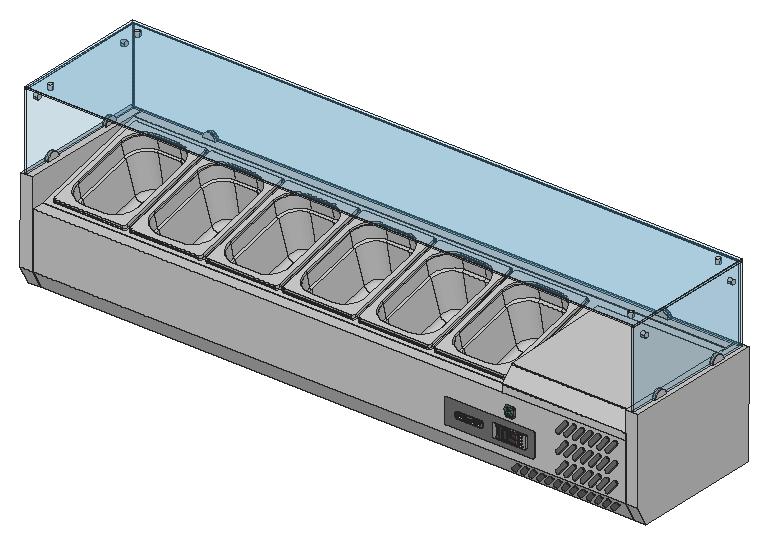
Revit family "QF_BLIZZARD_TOP1500-14CR", category Specialty Equipment, Revit 2016
Family settings
  Part Type = Normal
  Round Connector Dimension = Use Diameter
  OmniClass Number = 23.40.40.14
  OmniClass Title = Food Service Equipment
  Work Plane-Based = No
  Always vertical = Yes
  Cut with Voids When Loaded = No
  Shared = No
  Room Calculation Point = No
Parameters (values of type "TOP1500-14CR")
  URL = "www.blizzardequipment.com"
  Show Logo [instance] = yes
  Show Clearance [instance] = yes
  Model = "TOP1500-14CR"
  Manufacturer = "BLIZZARD"
  Description = "1/4 GASTRONORM PREP TOP WITH GLASS COVER 1500MM"
  Assembly Code = "E1090320"
Reference planes
  plane 1 "Back": y = 0
  plane 2: z = 0
  plane 3 "Left": x = 0
  plane 4 "Right": x = 1500
  plane 5 "Front": y = -335
  plane 6 "Top": z = 439
Forms (mm)
  Extrusion 1, solid
    sketch origin (0, -4, -8) x (0, 1, 0) y (0, 0, 1)
      loop
        line (-331, 53) -> (-306, 8) -> (2.955, 8)
        arc (2.955, 8) -> (3.694, 8.306) -> (4, 9.045) r 1.045
        line (4, 9.045) -> (4, 258) -> (-331, 258) -> (-331, 53)
    from 0 to 30
  Extrusion 2, solid
    sketch origin (1470, -4, -8) x (0, 1, 0) y (0, 0, 1)
      loop
        line (-331, 53) -> (-306, 8) -> (2.955, 8)
        arc (2.955, 8) -> (3.694, 8.306) -> (4, 9.045) r 1.045
        line (4, 9.045) -> (4, 258) -> (-331, 258) -> (-331, 53)
    from 0 to 30
  Extrusion 3, solid
    sketch origin (-580, -4, -8) x (0, 1, 0) y (0, 0, 1)
      loop
        line (-331, 53) -> (-306, 8) -> (2.955, 8)
        arc (2.955, 8) -> (3.694, 8.306) -> (4, 9.045) r 1.045
        line (4, 9.045) -> (4, 258) -> (-26, 258) -> (-26, 38) -> (-288.348, 38) -> (-301, 60.774) -> (-301, 190.193) -> (-331, 190.193) -> (-331, 53)
    from 610 to 2050
  Extrusion 4, solid
    sketch origin (10, 0, -20) x (0, 1, 0) y (0, 0, 1)
      loop
        line (-5, 455) -> (-335, 455) -> (-335, 270) -> (-5, 270) -> (-5, 455)
    from 0 to 5
  Extrusion 5, solid
    sketch origin (1485, 0, -20) x (0, 1, 0) y (0, 0, 1)
      loop
        line (-5, 455) -> (-335, 455) -> (-335, 270) -> (-5, 270) -> (-5, 455)
    from 0 to 5
  Extrusion 6, solid
    sketch origin (-610, 0, -20) x (0, 1, 0) y (0, 0, 1)
      loop
        line (-5, 460) -> (-335, 460) -> (-335, 455) -> (-5, 455) -> (-5, 460)
    from 620 to 2100
  Extrusion 7, solid
    sketch origin (-610, -5, -20) x (1, 0, 0) y (0, 0, 1)
      loop
        line (625, 455) -> (625, 270) -> (2095, 270) -> (2095, 455) -> (625, 455)
    from 0 to 5
  Extrusion 8, solid
    sketch origin (8, -65, -20) x (0, 1, 0) y (0, 0, 1)
      loop
        arc (0, 270) -> (-15, 285) -> (-30, 270) r 15
        line (-30, 270) -> (0, 270)
    from 0 to 2
  Extrusion 9, solid
    sketch origin (8, -270, -20) x (0, -1, 0) y (0, 0, -1)
      loop
        line (0, -270) -> (-30, -270)
        arc (-30, -270) -> (-15, -285) -> (0, -270) r 15
    from 0 to 2
  Extrusion 10, solid
    sketch origin (15, -65, -20) x (0, 1, 0) y (0, 0, 1)
      loop
        arc (0, 270) -> (-15, 285) -> (-30, 270) r 15
        line (-30, 270) -> (0, 270)
    from 0 to 2
  Extrusion 11, solid
    sketch origin (15, -270, -20) x (0, -1, 0) y (0, 0, -1)
      loop
        line (0, -270) -> (-30, -270)
        arc (-30, -270) -> (-15, -285) -> (0, -270) r 15
    from 0 to 2
  Extrusion 12, solid
    sketch origin (1483, -65, -20) x (0, 1, 0) y (0, 0, 1)
      loop
        arc (0, 270) -> (-15, 285) -> (-30, 270) r 15
        line (-30, 270) -> (0, 270)
    from 0 to 2
  Extrusion 13, solid
    sketch origin (1483, -270, -20) x (0, -1, 0) y (0, 0, -1)
      loop
        line (0, -270) -> (-30, -270)
        arc (-30, -270) -> (-15, -285) -> (0, -270) r 15
    from 0 to 2
  Extrusion 14, solid
    sketch origin (1490, -65, -20) x (0, 1, 0) y (0, 0, 1)
      loop
        arc (0, 270) -> (-15, 285) -> (-30, 270) r 15
        line (-30, 270) -> (0, 270)
    from 0 to 2
  Extrusion 15, solid
    sketch origin (1490, -270, -20) x (0, -1, 0) y (0, 0, -1)
      loop
        line (0, -270) -> (-30, -270)
        arc (-30, -270) -> (-15, -285) -> (0, -270) r 15
    from 0 to 2
  Extrusion 16, solid
    sketch origin (7.5, 60, -20) x (0, 1, 0) y (0, 0, 1)
      loop
        circle (-359.645, 424.645) r 5
    from 0 to 10
  Extrusion 17, solid
    sketch origin (1492.5, 60, -20) x (0, 1, 0) y (0, 0, -1)
      loop
        circle (-359.645, -424.645) r 5
    from 0 to 10
  Extrusion 18, solid
    sketch origin (7.5, -395, -20) x (0, -1, 0) y (0, 0, -1)
      loop
        circle (-359.645, -424.645) r 5
    from 0 to 10
  Extrusion 19, solid
    sketch origin (1492.5, -395, -20) x (0, -1, 0) y (0, 0, 1)
      loop
        circle (-359.645, 424.645) r 5
    from 0 to 10
  Extrusion 20, solid
    sketch origin (0, 0, 432.5) x (1, 0, 0) y (0, 1, 0)
      loop
        circle (45.355, -35.355) r 5
    from 0 to 10
  Extrusion 21, solid
    sketch origin (1500, 0, 432.5) x (-1, 0, 0) y (0, -1, 0)
      loop
        circle (45.355, 35.355) r 5
    from 0 to 10
  Extrusion 22, solid
    sketch origin (0, -335, 432.5) x (1, 0, 0) y (0, 1, 0)
      loop
        circle (45.355, 35.355) r 5
    from 0 to 10
  Extrusion 23, solid
    sketch origin (1500, -335, 432.5) x (-1, 0, 0) y (0, -1, 0)
      loop
        circle (45.355, -35.355) r 5
    from 0 to 10
  Extrusion 24, solid
    sketch origin (-610, 385.906, 349.46) x (1, 0, 0) y (0, 0.970921, 0.2394)
      loop
        line (640, -711.416) -> (2080, -711.416) -> (2080, -427.653) -> (640, -427.653) -> (640, -711.416)
      loop
        line (826, -442.96) -> (664, -442.96)
        arc (664, -442.96) -> (659.757, -444.717) -> (658, -448.96) r 6
        line (658, -448.96) -> (658, -691.86)
        arc (658, -691.86) -> (659.757, -696.102) -> (664, -697.86) r 6
        line (664, -697.86) -> (826, -697.86)
        arc (826, -697.86) -> (830.243, -696.102) -> (832, -691.86) r 6
        line (832, -691.86) -> (832, -448.96)
        arc (832, -448.96) -> (830.243, -444.717) -> (826, -442.96) r 6
      loop
        line (1011, -442.96) -> (849, -442.96)
        arc (849, -442.96) -> (844.757, -444.717) -> (843, -448.96) r 6
        line (843, -448.96) -> (843, -691.86)
        arc (843, -691.86) -> (844.757, -696.102) -> (849, -697.86) r 6
        line (849, -697.86) -> (1011, -697.86)
        arc (1011, -697.86) -> (1015.243, -696.102) -> (1017, -691.86) r 6
        line (1017, -691.86) -> (1017, -448.96)
        arc (1017, -448.96) -> (1015.243, -444.717) -> (1011, -442.96) r 6
      loop
        line (1196, -442.96) -> (1034, -442.96)
        arc (1034, -442.96) -> (1029.757, -444.717) -> (1028, -448.96) r 6
        line (1028, -448.96) -> (1028, -691.86)
        arc (1028, -691.86) -> (1029.757, -696.102) -> (1034, -697.86) r 6
        line (1034, -697.86) -> (1196, -697.86)
        arc (1196, -697.86) -> (1200.243, -696.102) -> (1202, -691.86) r 6
        line (1202, -691.86) -> (1202, -448.96)
        arc (1202, -448.96) -> (1200.243, -444.717) -> (1196, -442.96) r 6
      loop
        line (1751, -442.96) -> (1589, -442.96)
        arc (1589, -442.96) -> (1584.757, -444.717) -> (1583, -448.96) r 6
        line (1583, -448.96) -> (1583, -691.86)
        arc (1583, -691.86) -> (1584.757, -696.102) -> (1589, -697.86) r 6
        line (1589, -697.86) -> (1751, -697.86)
        arc (1751, -697.86) -> (1755.243, -696.102) -> (1757, -691.86) r 6
        line (1757, -691.86) -> (1757, -448.96)
        arc (1757, -448.96) -> (1755.243, -444.717) -> (1751, -442.96) r 6
      loop
        line (1381, -442.96) -> (1219, -442.96)
        arc (1219, -442.96) -> (1214.757, -444.717) -> (1213, -448.96) r 6
        line (1213, -448.96) -> (1213, -691.86)
        arc (1213, -691.86) -> (1214.757, -696.102) -> (1219, -697.86) r 6
        line (1219, -697.86) -> (1381, -697.86)
        arc (1381, -697.86) -> (1385.243, -696.102) -> (1387, -691.86) r 6
        line (1387, -691.86) -> (1387, -448.96)
        arc (1387, -448.96) -> (1385.243, -444.717) -> (1381, -442.96) r 6
      loop
        line (1566, -442.96) -> (1404, -442.96)
        arc (1404, -442.96) -> (1399.757, -444.717) -> (1398, -448.96) r 6
        line (1398, -448.96) -> (1398, -691.86)
        arc (1398, -691.86) -> (1399.757, -696.102) -> (1404, -697.86) r 6
        line (1404, -697.86) -> (1566, -697.86)
        arc (1566, -697.86) -> (1570.243, -696.102) -> (1572, -691.86) r 6
        line (1572, -691.86) -> (1572, -448.96)
        arc (1572, -448.96) -> (1570.243, -444.717) -> (1566, -442.96) r 6
    from 0 to 3
  Extrusion 25, solid
    sketch origin (42.5, -3, -20) x (1, 0, 0) y (0, 0, 1)
      loop
        line (142.5, 270) -> (172.5, 270)
        arc (172.5, 270) -> (157.5, 285) -> (142.5, 270) r 15
    from 0 to 2
  Extrusion 26, solid
    sketch origin (1457.5, -3, -20) x (-1, 0, 0) y (0, 0, -1)
      loop
        arc (142.5, -270) -> (157.5, -285) -> (172.5, -270) r 15
        line (172.5, -270) -> (142.5, -270)
    from 0 to 2
  Extrusion 27, solid
    sketch origin (42.5, -10, -20) x (1, 0, 0) y (0, 0, 1)
      loop
        line (142.5, 270) -> (172.5, 270)
        arc (172.5, 270) -> (157.5, 285) -> (142.5, 270) r 15
    from 0 to 2
  Extrusion 28, solid
    sketch origin (1457.5, -10, -20) x (-1, 0, 0) y (0, 0, -1)
      loop
        arc (142.5, -270) -> (157.5, -285) -> (172.5, -270) r 15
        line (172.5, -270) -> (142.5, -270)
    from 0 to 2
  Extrusion 29, solid
    sketch origin (1148, 205.936, 282.02) x (0, -0.34202, 0.939693) y (0, -0.939693, -0.34202)
      loop
        line (10.308, 247.326) -> (47.651, 233.734) -> (128.811, 499.195)
        arc (128.811, 499.195) -> (128.866, 499.813) -> (128.666, 500.4) r 1.501
        line (128.666, 500.4) -> (108.005, 535.217)
        arc (108.005, 535.217) -> (107.581, 535.724) -> (107.017, 536.068) r 2.032
        line (107.017, 536.068) -> (91.205, 542.456) -> (88.633, 535.39) -> (89.426, 502.22) -> (10.308, 247.326)
    from 24 to 322
  Extrusion 30, solid
    sketch origin (750.536, -333.5, -1739.135) x (1, 0, 0) y (0, 0, 1)
      loop
        arc (285, 1864.135) -> (281.464, 1862.671) -> (280, 1859.135) r 5
        line (280, 1859.135) -> (280, 1809.135)
        arc (280, 1809.135) -> (281.464, 1805.6) -> (285, 1804.135) r 5
        line (285, 1804.135) -> (494.464, 1804.135)
        arc (494.464, 1804.135) -> (498, 1805.6) -> (499.464, 1809.135) r 5
        line (499.464, 1809.135) -> (499.464, 1859.135)
        arc (499.464, 1859.135) -> (498, 1862.671) -> (494.464, 1864.135) r 5
        line (494.464, 1864.135) -> (285, 1864.135)
    from 0 to 2
  Extrusion 31, solid
    sketch origin (892.5, -333.5, -713.75) x (1, 0, 0) y (0, 0, 1)
      loop
        arc (260.5, 825) -> (258.379, 824.121) -> (257.5, 822) r 3
        line (257.5, 822) -> (257.5, 795.5)
        arc (257.5, 795.5) -> (258.379, 793.379) -> (260.5, 792.5) r 3
        line (260.5, 792.5) -> (334.5, 792.5)
        arc (334.5, 792.5) -> (336.621, 793.379) -> (337.5, 795.5) r 3
        line (337.5, 795.5) -> (337.5, 822)
        arc (337.5, 822) -> (336.621, 824.121) -> (334.5, 825) r 3
        line (334.5, 825) -> (260.5, 825)
    from 0 to 4
  Extrusion 32, solid
    sketch origin (892.5, -336.5, -703.75) x (1, 0, 0) y (0, 0, 1)
      loop
        arc (278, 812.5) -> (275.879, 811.621) -> (275, 809.5) r 3
        line (275, 809.5) -> (275, 788)
        arc (275, 788) -> (275.879, 785.879) -> (278, 785) r 3
        line (278, 785) -> (317, 785)
        arc (317, 785) -> (319.121, 785.879) -> (320, 788) r 3
        line (320, 788) -> (320, 809.5)
        arc (320, 809.5) -> (319.121, 811.621) -> (317, 812.5) r 3
        line (317, 812.5) -> (278, 812.5)
    from 0 to 2
  Extrusion 33, solid
    sketch origin (893.951, -337, -704.25) x (1, 0, 0) y (0, 0, 1)
      loop
        line (278.549, 800.5) -> (280.549, 800.5) -> (280.549, 809) -> (278.549, 809) -> (278.549, 800.5)
      loop
        line (278.549, 789) -> (280.549, 789) -> (280.549, 797) -> (278.549, 797) -> (278.549, 789)
      loop
        line (281.049, 811.5) -> (281.049, 809.5) -> (291.049, 809.5) -> (291.049, 811.5) -> (281.049, 811.5)
      loop
        line (293.549, 800.5) -> (293.549, 809) -> (291.549, 809) -> (291.549, 800.5) -> (293.549, 800.5)
      loop
        line (293.549, 789) -> (293.549, 797) -> (291.549, 797) -> (291.549, 789) -> (293.549, 789)
      loop
        line (281.049, 786.5) -> (291.049, 786.5) -> (291.049, 788.5) -> (281.049, 788.5) -> (281.049, 786.5)
      loop
        line (298.549, 800.5) -> (300.549, 800.5) -> (300.549, 809) -> (298.549, 809) -> (298.549, 800.5)
      loop
        line (301.049, 811.5) -> (301.049, 809.5) -> (311.049, 809.5) -> (311.049, 811.5) -> (301.049, 811.5)
      loop
        line (313.549, 800.5) -> (313.549, 809) -> (311.549, 809) -> (311.549, 800.5) -> (313.549, 800.5)
      loop
        line (313.549, 789) -> (313.549, 797) -> (311.549, 797) -> (311.549, 789) -> (313.549, 789)
      loop
        line (301.049, 798) -> (311.049, 798) -> (311.049, 800) -> (301.049, 800) -> (301.049, 798)
      loop
        line (301.049, 786.5) -> (311.049, 786.5) -> (311.049, 788.5) -> (301.049, 788.5) -> (301.049, 786.5)
      loop
        line (297.049, 786.5) -> (297.049, 788.5) -> (295.049, 788.5) -> (295.049, 786.5) -> (297.049, 786.5)
    from 0 to 2
  Extrusion 34, solid
    sketch origin (865.5, -336, -1708.75) x (1, 0, 0) y (0, 0, 1)
      loop
        arc (300, 1815) -> (299.121, 1817.121) -> (297, 1818) r 3
        line (297, 1818) -> (292, 1818) -> (292, 1816) -> (297, 1816)
        arc (297, 1816) -> (297.707, 1815.707) -> (298, 1815) r 1
        line (298, 1815) -> (298, 1811.5) -> (295, 1811.5) -> (295, 1809.5) -> (298, 1809.5) -> (298, 1805) -> (295, 1805) -> (295, 1803) -> (298, 1803) -> (298, 1798.5) -> (295, 1798.5) -> (295, 1796.5) -> (298, 1796.5) -> (298, 1793)
        arc (298, 1793) -> (297.707, 1792.293) -> (297, 1792) r 1
        line (297, 1792) -> (292, 1792) -> (292, 1790) -> (297, 1790)
        arc (297, 1790) -> (299.121, 1790.879) -> (300, 1793) r 3
        line (300, 1793) -> (300, 1815)
      loop
        line (349, 1815) -> (349, 1793)
        arc (349, 1793) -> (349.879, 1790.879) -> (352, 1790) r 3
        line (352, 1790) -> (357, 1790) -> (357, 1792) -> (352, 1792)
        arc (352, 1792) -> (351.293, 1792.293) -> (351, 1793) r 1
        line (351, 1793) -> (351, 1796.5) -> (354, 1796.5) -> (354, 1798.5) -> (351, 1798.5) -> (351, 1803) -> (354, 1803) -> (354, 1805) -> (351, 1805) -> (351, 1809.5) -> (354, 1809.5) -> (354, 1811.5) -> (351, 1811.5) -> (351, 1815)
        arc (351, 1815) -> (351.293, 1815.707) -> (352, 1816) r 1
        line (352, 1816) -> (357, 1816) -> (357, 1818) -> (352, 1818)
        arc (352, 1818) -> (349.879, 1817.121) -> (349, 1815) r 3
    from 0 to 2
  Extrusion 35, solid, visible <- "Show Logo"
    sketch origin (1032.91, -333.7, -42.983) x (1, 0, 0) y (0, 0, 1)
      loop
        line (30.3, 133.137) -> (36.162, 133.137)
        arc (36.162, 133.137) -> (39.122, 134.994) -> (38.048, 138.319) r 2.844
        arc (38.048, 138.319) -> (38.838, 141.267) -> (36.338, 143.017) r 2.66
        line (36.338, 143.017) -> (31.338, 143.017) -> (30.3, 133.137)
      loop
        line (33.066, 135.126) -> (35.993, 135.126)
        arc (35.993, 135.126) -> (36.943, 136.076) -> (35.993, 137.026) r 0.95
        line (35.993, 137.026) -> (33.066, 137.026) -> (33.066, 135.126)
      loop
        line (33.528, 139.285) -> (36.147, 139.285)
        arc (36.147, 139.285) -> (36.994, 140.133) -> (36.147, 140.98) r 0.847
        line (36.147, 140.98) -> (33.528, 140.98) -> (33.528, 139.285)
      loop
        line (40.306, 133.137) -> (42.874, 133.137) -> (43.912, 143.017) -> (41.344, 143.017) -> (40.306, 133.137)
      loop
        line (45.174, 140.98) -> (47.749, 140.98) -> (47.964, 143.017) -> (45.389, 143.017) -> (45.174, 140.98)
      loop
        line (45.104, 140.313) -> (44.35, 133.137) -> (46.671, 133.137) -> (47.425, 140.313) -> (45.104, 140.313)
      loop
        line (48.314, 138.359) -> (51.196, 138.359) -> (47.765, 134.548) -> (47.765, 133.137) -> (54.184, 133.137) -> (54.393, 135.126) -> (51.213, 135.126) -> (54.657, 138.952) -> (54.657, 140.313) -> (48.519, 140.313) -> (48.314, 138.359)
      loop
        line (55.213, 138.359) -> (58.095, 138.359) -> (54.664, 134.548) -> (54.664, 133.137) -> (61.084, 133.137) -> (61.293, 135.126) -> (58.112, 135.126) -> (61.557, 138.952) -> (61.557, 140.313) -> (55.419, 140.313) -> (55.213, 138.359)
      loop
        arc (64.816, 137.983) -> (65.785, 138.952) -> (66.753, 137.983) r 0.969
        line (66.753, 137.983) -> (64.711, 137.436)
        arc (64.711, 137.436) -> (62.642, 134.297) -> (66.342, 133.633) r 2.251
        line (66.342, 133.633) -> (66.77, 132.921) -> (69.168, 132.921) -> (68.641, 134.052) -> (69.084, 138.274)
        arc (69.084, 138.274) -> (65.782, 140.567) -> (62.514, 138.225) r 3.488
        line (62.514, 138.225) -> (64.816, 137.983)
      loop
        line (69.848, 133.137) -> (72.232, 133.137) -> (72.59, 136.546)
        arc (72.59, 136.546) -> (73.413, 137.974) -> (75.025, 138.32) r 2.029
        line (75.025, 138.32) -> (75.83, 140.313)
        arc (75.83, 140.313) -> (74.279, 140.541) -> (72.927, 139.749) r 2.362
        line (72.927, 139.749) -> (72.927, 140.627) -> (70.635, 140.627) -> (69.848, 133.137)
      loop
        line (82.596, 133.137) -> (83.635, 143.017) -> (81.373, 143.017) -> (81.031, 139.764)
        arc (81.031, 139.764) -> (75.402, 137.124) -> (80.359, 133.372) r 3.631
        line (80.359, 133.372) -> (82.596, 133.137)
      loop
        spline (78.956, 134.82) -> (79.32, 134.851) -> (79.675, 135.016) -> (79.994, 135.304) -> (80.258, 135.695) -> (80.446, 136.164) -> (80.548, 136.677) -> (80.555, 137.2) -> (80.468, 137.697) -> (80.292, 138.134) -> (80.039, 138.483) -> (79.727, 138.718) -> (79.376, 138.823)
        spline (79.376, 138.823) -> (79.011, 138.793) -> (78.657, 138.628) -> (78.338, 138.34) -> (78.074, 137.948) -> (77.886, 137.48) -> (77.784, 136.967) -> (77.777, 136.444) -> (77.864, 135.947) -> (78.04, 135.509) -> (78.293, 135.161) -> (78.605, 134.926) -> (78.956, 134.82)
      loop
        line (66.385, 136.28) -> (64.729, 135.958)
        arc (64.729, 135.958) -> (64.361, 135.233) -> (65.042, 134.788) r 0.609
        arc (65.042, 134.788) -> (66.068, 135.215) -> (66.385, 136.28) r 1.295
      loop
        line (85.459, 146.184) -> (29.578, 146.184)
        arc (29.578, 146.184) -> (25.494, 144.492) -> (23.802, 140.407) r 5.777
        line (23.802, 140.407) -> (23.802, 135.662)
        arc (23.802, 135.662) -> (25.494, 131.578) -> (29.578, 129.886) r 5.777
        line (29.578, 129.886) -> (85.459, 129.886)
        arc (85.459, 129.886) -> (89.544, 131.578) -> (91.236, 135.662) r 5.777
        line (91.236, 135.662) -> (91.236, 140.407)
        arc (91.236, 140.407) -> (89.544, 144.492) -> (85.459, 146.184) r 5.777
      loop
        line (85.459, 145.184) -> (29.578, 145.184)
        arc (29.578, 145.184) -> (26.201, 143.785) -> (24.802, 140.407) r 4.777
        line (24.802, 140.407) -> (24.802, 135.662)
        arc (24.802, 135.662) -> (26.201, 132.285) -> (29.578, 130.886) r 4.777
        line (29.578, 130.886) -> (85.459, 130.886)
        arc (85.459, 130.886) -> (88.837, 132.285) -> (90.236, 135.662) r 4.777
        line (90.236, 135.662) -> (90.236, 140.407)
        arc (90.236, 140.407) -> (88.837, 143.785) -> (85.459, 145.184) r 4.777
    from 0 to 2
  Extrusion 36, solid
    sketch origin (291.08, -333.5, -34.541) x (1, 0, 0) y (0, 0, 1)
      loop
        line (1030, 207.338) -> (1011.08, 183.441)
        arc (1011.08, 183.441) -> (1011.896, 176.418) -> (1018.92, 177.234) r 5
        line (1018.92, 177.234) -> (1037.84, 201.13)
        arc (1037.84, 201.13) -> (1037.024, 208.154) -> (1030, 207.338) r 5
      loop
        line (1050, 207.338) -> (1031.08, 183.441)
        arc (1031.08, 183.441) -> (1031.896, 176.418) -> (1038.92, 177.234) r 5
        line (1038.92, 177.234) -> (1057.84, 201.13)
        arc (1057.84, 201.13) -> (1057.024, 208.154) -> (1050, 207.338) r 5
      loop
        line (1070, 207.338) -> (1051.08, 183.441)
        arc (1051.08, 183.441) -> (1051.896, 176.418) -> (1058.92, 177.234) r 5
        line (1058.92, 177.234) -> (1077.84, 201.13)
        arc (1077.84, 201.13) -> (1077.024, 208.154) -> (1070, 207.338) r 5
      loop
        line (1090, 207.338) -> (1071.08, 183.441)
        arc (1071.08, 183.441) -> (1071.896, 176.418) -> (1078.92, 177.234) r 5
        line (1078.92, 177.234) -> (1097.84, 201.13)
        arc (1097.84, 201.13) -> (1097.024, 208.154) -> (1090, 207.338) r 5
      loop
        line (1110, 207.338) -> (1091.08, 183.441)
        arc (1091.08, 183.441) -> (1091.896, 176.418) -> (1098.92, 177.234) r 5
        line (1098.92, 177.234) -> (1117.84, 201.13)
        arc (1117.84, 201.13) -> (1117.024, 208.154) -> (1110, 207.338) r 5
      loop
        line (1130, 207.338) -> (1111.08, 183.441)
        arc (1111.08, 183.441) -> (1111.896, 176.418) -> (1118.92, 177.234) r 5
        line (1118.92, 177.234) -> (1137.84, 201.13)
        arc (1137.84, 201.13) -> (1137.024, 208.154) -> (1130, 207.338) r 5
      loop
        line (1150, 207.338) -> (1131.08, 183.441)
        arc (1131.08, 183.441) -> (1131.896, 176.418) -> (1138.92, 177.234) r 5
        line (1138.92, 177.234) -> (1157.84, 201.13)
        arc (1157.84, 201.13) -> (1157.024, 208.154) -> (1150, 207.338) r 5
      loop
        line (1030, 163.441) -> (1011.08, 139.545)
        arc (1011.08, 139.545) -> (1011.896, 132.521) -> (1018.92, 133.338) r 5
        line (1018.92, 133.338) -> (1037.84, 157.234)
        arc (1037.84, 157.234) -> (1037.024, 164.258) -> (1030, 163.441) r 5
      loop
        line (1050, 163.441) -> (1031.08, 139.545)
        arc (1031.08, 139.545) -> (1031.896, 132.521) -> (1038.92, 133.338) r 5
        line (1038.92, 133.338) -> (1057.84, 157.234)
        arc (1057.84, 157.234) -> (1057.024, 164.258) -> (1050, 163.441) r 5
      loop
        line (1070, 163.441) -> (1051.08, 139.545)
        arc (1051.08, 139.545) -> (1051.896, 132.521) -> (1058.92, 133.338) r 5
        line (1058.92, 133.338) -> (1077.84, 157.234)
        arc (1077.84, 157.234) -> (1077.024, 164.258) -> (1070, 163.441) r 5
      loop
        line (1090, 163.441) -> (1071.08, 139.545)
        arc (1071.08, 139.545) -> (1071.896, 132.521) -> (1078.92, 133.338) r 5
        line (1078.92, 133.338) -> (1097.84, 157.234)
        arc (1097.84, 157.234) -> (1097.024, 164.258) -> (1090, 163.441) r 5
      loop
        line (1110, 163.441) -> (1091.08, 139.545)
        arc (1091.08, 139.545) -> (1091.896, 132.521) -> (1098.92, 133.338) r 5
        line (1098.92, 133.338) -> (1117.84, 157.234)
        arc (1117.84, 157.234) -> (1117.024, 164.258) -> (1110, 163.441) r 5
      loop
        line (1130, 163.441) -> (1111.08, 139.545)
        arc (1111.08, 139.545) -> (1111.896, 132.521) -> (1118.92, 133.338) r 5
        line (1118.92, 133.338) -> (1137.84, 157.234)
        arc (1137.84, 157.234) -> (1137.024, 164.258) -> (1130, 163.441) r 5
      loop
        line (1150, 163.441) -> (1131.08, 139.545)
        arc (1131.08, 139.545) -> (1131.896, 132.521) -> (1138.92, 133.338) r 5
        line (1138.92, 133.338) -> (1157.84, 157.234)
        arc (1157.84, 157.234) -> (1157.024, 164.258) -> (1150, 163.441) r 5
      loop
        line (1030, 119.663) -> (1011.08, 95.767)
        arc (1011.08, 95.767) -> (1011.896, 88.743) -> (1018.92, 89.559) r 5
        line (1018.92, 89.559) -> (1037.84, 113.456)
        arc (1037.84, 113.456) -> (1037.024, 120.479) -> (1030, 119.663) r 5
      loop
        line (1050, 119.663) -> (1031.08, 95.767)
        arc (1031.08, 95.767) -> (1031.896, 88.743) -> (1038.92, 89.559) r 5
        line (1038.92, 89.559) -> (1057.84, 113.456)
        arc (1057.84, 113.456) -> (1057.024, 120.479) -> (1050, 119.663) r 5
      loop
        line (1070, 119.663) -> (1051.08, 95.767)
        arc (1051.08, 95.767) -> (1051.896, 88.743) -> (1058.92, 89.559) r 5
        line (1058.92, 89.559) -> (1077.84, 113.456)
        arc (1077.84, 113.456) -> (1077.024, 120.479) -> (1070, 119.663) r 5
      loop
        line (1090, 119.663) -> (1071.08, 95.767)
        arc (1071.08, 95.767) -> (1071.896, 88.743) -> (1078.92, 89.559) r 5
        line (1078.92, 89.559) -> (1097.84, 113.456)
        arc (1097.84, 113.456) -> (1097.024, 120.479) -> (1090, 119.663) r 5
      loop
        line (1110, 119.663) -> (1091.08, 95.767)
        arc (1091.08, 95.767) -> (1091.896, 88.743) -> (1098.92, 89.559) r 5
        line (1098.92, 89.559) -> (1117.84, 113.456)
        arc (1117.84, 113.456) -> (1117.024, 120.479) -> (1110, 119.663) r 5
      loop
        line (1130, 119.663) -> (1111.08, 95.767)
        arc (1111.08, 95.767) -> (1111.896, 88.743) -> (1118.92, 89.559) r 5
        line (1118.92, 89.559) -> (1137.84, 113.456)
        arc (1137.84, 113.456) -> (1137.024, 120.479) -> (1130, 119.663) r 5
      loop
        line (1150, 119.663) -> (1131.08, 95.767)
        arc (1131.08, 95.767) -> (1131.896, 88.743) -> (1138.92, 89.559) r 5
        line (1138.92, 89.559) -> (1157.84, 113.456)
        arc (1157.84, 113.456) -> (1157.024, 120.479) -> (1150, 119.663) r 5
    from 0 to 2
  Extrusion 37, solid
    sketch origin (291.08, -228.186, -144.301) x (1, 0, 0) y (0, -0.485643, 0.874157)
      loop
        line (1030, 207.338) -> (1011.08, 183.441)
        arc (1011.08, 183.441) -> (1011.896, 176.418) -> (1018.92, 177.234) r 5
        line (1018.92, 177.234) -> (1037.84, 201.13)
        arc (1037.84, 201.13) -> (1037.024, 208.154) -> (1030, 207.338) r 5
      loop
        line (1050, 207.338) -> (1031.08, 183.441)
        arc (1031.08, 183.441) -> (1031.896, 176.418) -> (1038.92, 177.234) r 5
        line (1038.92, 177.234) -> (1057.84, 201.13)
        arc (1057.84, 201.13) -> (1057.024, 208.154) -> (1050, 207.338) r 5
      loop
        line (1070, 207.338) -> (1051.08, 183.441)
        arc (1051.08, 183.441) -> (1051.896, 176.418) -> (1058.92, 177.234) r 5
        line (1058.92, 177.234) -> (1077.84, 201.13)
        arc (1077.84, 201.13) -> (1077.024, 208.154) -> (1070, 207.338) r 5
      loop
        line (1090, 207.338) -> (1071.08, 183.441)
        arc (1071.08, 183.441) -> (1071.896, 176.418) -> (1078.92, 177.234) r 5
        line (1078.92, 177.234) -> (1097.84, 201.13)
        arc (1097.84, 201.13) -> (1097.024, 208.154) -> (1090, 207.338) r 5
      loop
        line (1110, 207.338) -> (1091.08, 183.441)
        arc (1091.08, 183.441) -> (1091.896, 176.418) -> (1098.92, 177.234) r 5
        line (1098.92, 177.234) -> (1117.84, 201.13)
        arc (1117.84, 201.13) -> (1117.024, 208.154) -> (1110, 207.338) r 5
      loop
        line (1130, 207.338) -> (1111.08, 183.441)
        arc (1111.08, 183.441) -> (1111.896, 176.418) -> (1118.92, 177.234) r 5
        line (1118.92, 177.234) -> (1137.84, 201.13)
        arc (1137.84, 201.13) -> (1137.024, 208.154) -> (1130, 207.338) r 5
      loop
        line (1150, 207.338) -> (1131.08, 183.441)
        arc (1131.08, 183.441) -> (1131.896, 176.418) -> (1138.92, 177.234) r 5
        line (1138.92, 177.234) -> (1157.84, 201.13)
        arc (1157.84, 201.13) -> (1157.024, 208.154) -> (1150, 207.338) r 5
      loop
        line (910, 207.338) -> (891.08, 183.441)
        arc (891.08, 183.441) -> (891.896, 176.418) -> (898.92, 177.234) r 5
        line (898.92, 177.234) -> (917.84, 201.13)
        arc (917.84, 201.13) -> (917.024, 208.154) -> (910, 207.338) r 5
      loop
        line (930, 207.338) -> (911.08, 183.441)
        arc (911.08, 183.441) -> (911.896, 176.418) -> (918.92, 177.234) r 5
        line (918.92, 177.234) -> (937.84, 201.13)
        arc (937.84, 201.13) -> (937.024, 208.154) -> (930, 207.338) r 5
      loop
        line (950, 207.338) -> (931.08, 183.441)
        arc (931.08, 183.441) -> (931.896, 176.418) -> (938.92, 177.234) r 5
        line (938.92, 177.234) -> (957.84, 201.13)
        arc (957.84, 201.13) -> (957.024, 208.154) -> (950, 207.338) r 5
      loop
        line (970, 207.338) -> (951.08, 183.441)
        arc (951.08, 183.441) -> (951.896, 176.418) -> (958.92, 177.234) r 5
        line (958.92, 177.234) -> (977.84, 201.13)
        arc (977.84, 201.13) -> (977.024, 208.154) -> (970, 207.338) r 5
      loop
        line (990, 207.338) -> (971.08, 183.441)
        arc (971.08, 183.441) -> (971.896, 176.418) -> (978.92, 177.234) r 5
        line (978.92, 177.234) -> (997.84, 201.13)
        arc (997.84, 201.13) -> (997.024, 208.154) -> (990, 207.338) r 5
      loop
        line (1010, 207.338) -> (991.08, 183.441)
        arc (991.08, 183.441) -> (991.896, 176.418) -> (998.92, 177.234) r 5
        line (998.92, 177.234) -> (1017.84, 201.13)
        arc (1017.84, 201.13) -> (1017.024, 208.154) -> (1010, 207.338) r 5
    from 0 to 2
  Extrusion 38, solid
    sketch origin (1182.5, -325.499, -657) x (1, 0, 0) y (0, 0, 1)
      loop
        arc (3, 815) -> (0.879, 814.121) -> (0, 812) r 3
        line (0, 812) -> (0, 798)
        arc (0, 798) -> (0.879, 795.879) -> (3, 795) r 3
        line (3, 795) -> (12, 795)
        arc (12, 795) -> (14.121, 795.879) -> (15, 798) r 3
        line (15, 798) -> (15, 812)
        arc (15, 812) -> (14.121, 814.121) -> (12, 815) r 3
        line (12, 815) -> (3, 815)
    from 9.001 to 20
  Extrusion 39, void
    sketch origin (1180, 314.501, -657) x (0, 1, 0) y (0, 0, 1)
      loop
        line (-659.545, 817.359) -> (-661.721, 817.359) -> (-661.721, 793) -> (-653.921, 793) -> (-659.545, 817.359)
    from 0 to 20
  Extrusion 40, solid
    sketch origin (1182.5, -333.5, -657) x (1, 0, 0) y (0, 0, 1)
      loop
        arc (3, 818) -> (-1.243, 816.243) -> (-3, 812) r 6
        line (-3, 812) -> (-3, 798)
        arc (-3, 798) -> (-1.243, 793.757) -> (3, 792) r 6
        line (3, 792) -> (12, 792)
        arc (12, 792) -> (16.243, 793.757) -> (18, 798) r 6
        line (18, 798) -> (18, 812)
        arc (18, 812) -> (16.243, 816.243) -> (12, 818) r 6
        line (12, 818) -> (3, 818)
    from 0 to 4
  Extrusion 41, solid
    sketch origin (820.219, -160.533, -632.176) x (1, 0, 0) y (0, -0.224951, 0.97437)
      loop
        line (368.781, 810.281) -> (368.781, 805.281) -> (370.781, 805.281) -> (370.781, 810.281) -> (368.781, 810.281)
    from 0 to 2
  Extrusion 42, solid
    sketch origin (820.219, -157.384, -645.817) x (1, 0, 0) y (0, -0.224951, 0.97437)
      loop
        circle (369.781, 809.781) r 2.5
      loop
        circle (369.781, 809.781) r 3.5
    from 0 to 2
  Sweep 43, solid
    path origin (557, -7.744, 108.205) x (0, -0.970921, -0.2394) y (1, 0, 0)
      loop
        line (62.985, -289.089) -> (197.95, -289.089)
        arc (197.95, -289.089) -> (215.337, -281.887) -> (222.539, -264.5) r 24.589
        line (222.539, -264.5) -> (222.539, -209.5)
        arc (222.539, -209.5) -> (215.337, -192.113) -> (197.95, -184.911) r 24.589
        line (197.95, -184.911) -> (62.985, -184.911)
        arc (62.985, -184.911) -> (45.598, -192.113) -> (38.396, -209.5) r 24.589
        line (38.396, -209.5) -> (38.396, -264.5)
        arc (38.396, -264.5) -> (45.598, -281.887) -> (62.985, -289.089) r 24.589
    profile origin (267.911, -134.417, 76.971) x (1, 0, 0) y (0, -0.2394, 0.970921)
      loop
        arc (0, 2) -> (-9.637, 5.845) -> (-13.981, 15.267) r 14
        line (-13.981, 15.267) -> (-18.689, 105.106) -> (-23.411, 109.828) -> (-23.411, 143) -> (-25.411, 143) -> (-25.411, 109) -> (-20.646, 104.235) -> (-15.978, 15.163)
        arc (-15.978, 15.163) -> (-11.014, 4.394) -> (0, 0) r 16
        line (0, 0) -> (0, 2)
  Extrusion 44, solid
    sketch origin (557, -8.941, 113.06) x (0, -0.970921, -0.2394) y (1, 0, 0)
      loop
        line (0, -156) -> (0, -318)
        arc (0, -318) -> (2.636, -324.364) -> (9, -327) r 9
        line (9, -327) -> (251.939, -327)
        arc (251.939, -327) -> (258.303, -324.364) -> (260.939, -318) r 9
        line (260.939, -318) -> (260.939, -156)
        arc (260.939, -156) -> (258.303, -149.636) -> (251.939, -147) r 9
        line (251.939, -147) -> (9, -147)
        arc (9, -147) -> (2.636, -149.636) -> (0, -156) r 9
      loop
        arc (14.985, -264.5) -> (29.043, -298.441) -> (62.985, -312.5) r 48
        line (62.985, -312.5) -> (198.139, -312.5)
        arc (198.139, -312.5) -> (231.949, -298.495) -> (245.954, -264.685) r 47.815
        line (245.954, -264.685) -> (245.954, -209.5)
        arc (245.954, -209.5) -> (231.895, -175.559) -> (197.954, -161.5) r 48
        line (197.954, -161.5) -> (62.985, -161.5)
        arc (62.985, -161.5) -> (29.043, -175.559) -> (14.985, -209.5) r 48
        line (14.985, -209.5) -> (14.985, -264.5)
    from 138 to 140
  Extrusion 45, solid
    sketch origin (557, -8.941, 113.06) x (0, -0.970921, -0.2394) y (1, 0, 0)
      loop
        arc (3, -318) -> (4.757, -322.243) -> (9, -324) r 6
        line (9, -324) -> (251.939, -324)
        arc (251.939, -324) -> (256.181, -322.243) -> (257.939, -318) r 6
        line (257.939, -318) -> (257.939, -156)
        arc (257.939, -156) -> (256.181, -151.757) -> (251.939, -150) r 6
        line (251.939, -150) -> (9, -150)
        arc (9, -150) -> (4.757, -151.757) -> (3, -156) r 6
        line (3, -156) -> (3, -318)
      loop
        arc (14.985, -264.5) -> (29.043, -298.441) -> (62.985, -312.5) r 48
        line (62.985, -312.5) -> (197.954, -312.5)
        arc (197.954, -312.5) -> (231.895, -298.441) -> (245.954, -264.5) r 48
        line (245.954, -264.5) -> (245.954, -209.5)
        arc (245.954, -209.5) -> (231.895, -175.559) -> (197.954, -161.5) r 48
        line (197.954, -161.5) -> (62.985, -161.5)
        arc (62.985, -161.5) -> (29.043, -175.559) -> (14.985, -209.5) r 48
        line (14.985, -209.5) -> (14.985, -264.5)
    from 140 to 145
  Extrusion 46, solid
    sketch origin (557, -415.53, 7.657) x (0, -0.970921, -0.2394) y (1, 0, 0)
      loop
        arc (-357.015, -184.911) -> (-374.402, -192.113) -> (-381.604, -209.5) r 24.589
        line (-381.604, -209.5) -> (-381.604, -264.5)
        arc (-381.604, -264.5) -> (-374.402, -281.887) -> (-357.015, -289.089) r 24.589
        line (-357.015, -289.089) -> (-221.865, -289.089)
        arc (-221.865, -289.089) -> (-204.609, -281.941) -> (-197.461, -264.685) r 24.404
        line (-197.461, -264.685) -> (-197.461, -209.315)
        arc (-197.461, -209.315) -> (-204.609, -192.059) -> (-221.865, -184.911) r 24.404
        line (-221.865, -184.911) -> (-357.015, -184.911)
    from 0 to 2
  Sweep 47, solid
    path origin (372, -7.744, 108.205) x (0, -0.970921, -0.2394) y (1, 0, 0)
      loop
        line (62.985, -289.089) -> (197.95, -289.089)
        arc (197.95, -289.089) -> (215.337, -281.887) -> (222.539, -264.5) r 24.589
        line (222.539, -264.5) -> (222.539, -209.5)
        arc (222.539, -209.5) -> (215.337, -192.113) -> (197.95, -184.911) r 24.589
        line (197.95, -184.911) -> (62.985, -184.911)
        arc (62.985, -184.911) -> (45.598, -192.113) -> (38.396, -209.5) r 24.589
        line (38.396, -209.5) -> (38.396, -264.5)
        arc (38.396, -264.5) -> (45.598, -281.887) -> (62.985, -289.089) r 24.589
    profile origin (82.911, -134.417, 76.971) x (1, 0, 0) y (0, -0.2394, 0.970921)
      loop
        arc (0, 2) -> (-9.637, 5.845) -> (-13.981, 15.267) r 14
        line (-13.981, 15.267) -> (-18.689, 105.106) -> (-23.411, 109.828) -> (-23.411, 143) -> (-25.411, 143) -> (-25.411, 109) -> (-20.646, 104.235) -> (-15.978, 15.163)
        arc (-15.978, 15.163) -> (-11.014, 4.394) -> (0, 0) r 16
        line (0, 0) -> (0, 2)
  Extrusion 48, solid
    sketch origin (372, -8.941, 113.06) x (0, -0.970921, -0.2394) y (1, 0, 0)
      loop
        line (0, -156) -> (0, -318)
        arc (0, -318) -> (2.636, -324.364) -> (9, -327) r 9
        line (9, -327) -> (251.939, -327)
        arc (251.939, -327) -> (258.303, -324.364) -> (260.939, -318) r 9
        line (260.939, -318) -> (260.939, -156)
        arc (260.939, -156) -> (258.303, -149.636) -> (251.939, -147) r 9
        line (251.939, -147) -> (9, -147)
        arc (9, -147) -> (2.636, -149.636) -> (0, -156) r 9
      loop
        arc (14.985, -264.5) -> (29.043, -298.441) -> (62.985, -312.5) r 48
        line (62.985, -312.5) -> (198.139, -312.5)
        arc (198.139, -312.5) -> (231.949, -298.495) -> (245.954, -264.685) r 47.815
        line (245.954, -264.685) -> (245.954, -209.5)
        arc (245.954, -209.5) -> (231.895, -175.559) -> (197.954, -161.5) r 48
        line (197.954, -161.5) -> (62.985, -161.5)
        arc (62.985, -161.5) -> (29.043, -175.559) -> (14.985, -209.5) r 48
        line (14.985, -209.5) -> (14.985, -264.5)
    from 138 to 140
  Extrusion 49, solid
    sketch origin (372, -8.941, 113.06) x (0, -0.970921, -0.2394) y (1, 0, 0)
      loop
        arc (3, -318) -> (4.757, -322.243) -> (9, -324) r 6
        line (9, -324) -> (251.939, -324)
        arc (251.939, -324) -> (256.181, -322.243) -> (257.939, -318) r 6
        line (257.939, -318) -> (257.939, -156)
        arc (257.939, -156) -> (256.181, -151.757) -> (251.939, -150) r 6
        line (251.939, -150) -> (9, -150)
        arc (9, -150) -> (4.757, -151.757) -> (3, -156) r 6
        line (3, -156) -> (3, -318)
      loop
        arc (14.985, -264.5) -> (29.043, -298.441) -> (62.985, -312.5) r 48
        line (62.985, -312.5) -> (197.954, -312.5)
        arc (197.954, -312.5) -> (231.895, -298.441) -> (245.954, -264.5) r 48
        line (245.954, -264.5) -> (245.954, -209.5)
        arc (245.954, -209.5) -> (231.895, -175.559) -> (197.954, -161.5) r 48
        line (197.954, -161.5) -> (62.985, -161.5)
        arc (62.985, -161.5) -> (29.043, -175.559) -> (14.985, -209.5) r 48
        line (14.985, -209.5) -> (14.985, -264.5)
    from 140 to 145
  Extrusion 50, solid
    sketch origin (372, -415.53, 7.657) x (0, -0.970921, -0.2394) y (1, 0, 0)
      loop
        arc (-357.015, -184.911) -> (-374.402, -192.113) -> (-381.604, -209.5) r 24.589
        line (-381.604, -209.5) -> (-381.604, -264.5)
        arc (-381.604, -264.5) -> (-374.402, -281.887) -> (-357.015, -289.089) r 24.589
        line (-357.015, -289.089) -> (-221.865, -289.089)
        arc (-221.865, -289.089) -> (-204.609, -281.941) -> (-197.461, -264.685) r 24.404
        line (-197.461, -264.685) -> (-197.461, -209.315)
        arc (-197.461, -209.315) -> (-204.609, -192.059) -> (-221.865, -184.911) r 24.404
        line (-221.865, -184.911) -> (-357.015, -184.911)
    from 0 to 2
  Sweep 51, solid
    path origin (742, -7.744, 108.205) x (0, -0.970921, -0.2394) y (1, 0, 0)
      loop
        line (62.985, -289.089) -> (197.95, -289.089)
        arc (197.95, -289.089) -> (215.337, -281.887) -> (222.539, -264.5) r 24.589
        line (222.539, -264.5) -> (222.539, -209.5)
        arc (222.539, -209.5) -> (215.337, -192.113) -> (197.95, -184.911) r 24.589
        line (197.95, -184.911) -> (62.985, -184.911)
        arc (62.985, -184.911) -> (45.598, -192.113) -> (38.396, -209.5) r 24.589
        line (38.396, -209.5) -> (38.396, -264.5)
        arc (38.396, -264.5) -> (45.598, -281.887) -> (62.985, -289.089) r 24.589
    profile origin (452.911, -134.417, 76.971) x (1, 0, 0) y (0, -0.2394, 0.970921)
      loop
        arc (0, 2) -> (-9.637, 5.845) -> (-13.981, 15.267) r 14
        line (-13.981, 15.267) -> (-18.689, 105.106) -> (-23.411, 109.828) -> (-23.411, 143) -> (-25.411, 143) -> (-25.411, 109) -> (-20.646, 104.235) -> (-15.978, 15.163)
        arc (-15.978, 15.163) -> (-11.014, 4.394) -> (0, 0) r 16
        line (0, 0) -> (0, 2)
  Extrusion 52, solid
    sketch origin (742, -8.941, 113.06) x (0, -0.970921, -0.2394) y (1, 0, 0)
      loop
        line (0, -156) -> (0, -318)
        arc (0, -318) -> (2.636, -324.364) -> (9, -327) r 9
        line (9, -327) -> (251.939, -327)
        arc (251.939, -327) -> (258.303, -324.364) -> (260.939, -318) r 9
        line (260.939, -318) -> (260.939, -156)
        arc (260.939, -156) -> (258.303, -149.636) -> (251.939, -147) r 9
        line (251.939, -147) -> (9, -147)
        arc (9, -147) -> (2.636, -149.636) -> (0, -156) r 9
      loop
        arc (14.985, -264.5) -> (29.043, -298.441) -> (62.985, -312.5) r 48
        line (62.985, -312.5) -> (198.139, -312.5)
        arc (198.139, -312.5) -> (231.949, -298.495) -> (245.954, -264.685) r 47.815
        line (245.954, -264.685) -> (245.954, -209.5)
        arc (245.954, -209.5) -> (231.895, -175.559) -> (197.954, -161.5) r 48
        line (197.954, -161.5) -> (62.985, -161.5)
        arc (62.985, -161.5) -> (29.043, -175.559) -> (14.985, -209.5) r 48
        line (14.985, -209.5) -> (14.985, -264.5)
    from 138 to 140
  Extrusion 53, solid
    sketch origin (742, -8.941, 113.06) x (0, -0.970921, -0.2394) y (1, 0, 0)
      loop
        arc (3, -318) -> (4.757, -322.243) -> (9, -324) r 6
        line (9, -324) -> (251.939, -324)
        arc (251.939, -324) -> (256.181, -322.243) -> (257.939, -318) r 6
        line (257.939, -318) -> (257.939, -156)
        arc (257.939, -156) -> (256.181, -151.757) -> (251.939, -150) r 6
        line (251.939, -150) -> (9, -150)
        arc (9, -150) -> (4.757, -151.757) -> (3, -156) r 6
        line (3, -156) -> (3, -318)
      loop
        arc (14.985, -264.5) -> (29.043, -298.441) -> (62.985, -312.5) r 48
        line (62.985, -312.5) -> (197.954, -312.5)
        arc (197.954, -312.5) -> (231.895, -298.441) -> (245.954, -264.5) r 48
        line (245.954, -264.5) -> (245.954, -209.5)
        arc (245.954, -209.5) -> (231.895, -175.559) -> (197.954, -161.5) r 48
        line (197.954, -161.5) -> (62.985, -161.5)
        arc (62.985, -161.5) -> (29.043, -175.559) -> (14.985, -209.5) r 48
        line (14.985, -209.5) -> (14.985, -264.5)
    from 140 to 145
  Extrusion 54, solid
    sketch origin (742, -415.53, 7.657) x (0, -0.970921, -0.2394) y (1, 0, 0)
      loop
        arc (-357.015, -184.911) -> (-374.402, -192.113) -> (-381.604, -209.5) r 24.589
        line (-381.604, -209.5) -> (-381.604, -264.5)
        arc (-381.604, -264.5) -> (-374.402, -281.887) -> (-357.015, -289.089) r 24.589
        line (-357.015, -289.089) -> (-221.865, -289.089)
        arc (-221.865, -289.089) -> (-204.609, -281.941) -> (-197.461, -264.685) r 24.404
        line (-197.461, -264.685) -> (-197.461, -209.315)
        arc (-197.461, -209.315) -> (-204.609, -192.059) -> (-221.865, -184.911) r 24.404
        line (-221.865, -184.911) -> (-357.015, -184.911)
    from 0 to 2
  Sweep 55, solid
    path origin (1297, -7.744, 108.205) x (0, -0.970921, -0.2394) y (1, 0, 0)
      loop
        line (62.985, -289.089) -> (197.95, -289.089)
        arc (197.95, -289.089) -> (215.337, -281.887) -> (222.539, -264.5) r 24.589
        line (222.539, -264.5) -> (222.539, -209.5)
        arc (222.539, -209.5) -> (215.337, -192.113) -> (197.95, -184.911) r 24.589
        line (197.95, -184.911) -> (62.985, -184.911)
        arc (62.985, -184.911) -> (45.598, -192.113) -> (38.396, -209.5) r 24.589
        line (38.396, -209.5) -> (38.396, -264.5)
        arc (38.396, -264.5) -> (45.598, -281.887) -> (62.985, -289.089) r 24.589
    profile origin (1007.911, -134.417, 76.971) x (1, 0, 0) y (0, -0.2394, 0.970921)
      loop
        arc (0, 2) -> (-9.637, 5.845) -> (-13.981, 15.267) r 14
        line (-13.981, 15.267) -> (-18.689, 105.106) -> (-23.411, 109.828) -> (-23.411, 143) -> (-25.411, 143) -> (-25.411, 109) -> (-20.646, 104.235) -> (-15.978, 15.163)
        arc (-15.978, 15.163) -> (-11.014, 4.394) -> (0, 0) r 16
        line (0, 0) -> (0, 2)
  Extrusion 56, solid
    sketch origin (1297, -8.941, 113.06) x (0, -0.970921, -0.2394) y (1, 0, 0)
      loop
        line (0, -156) -> (0, -318)
        arc (0, -318) -> (2.636, -324.364) -> (9, -327) r 9
        line (9, -327) -> (251.939, -327)
        arc (251.939, -327) -> (258.303, -324.364) -> (260.939, -318) r 9
        line (260.939, -318) -> (260.939, -156)
        arc (260.939, -156) -> (258.303, -149.636) -> (251.939, -147) r 9
        line (251.939, -147) -> (9, -147)
        arc (9, -147) -> (2.636, -149.636) -> (0, -156) r 9
      loop
        arc (14.985, -264.5) -> (29.043, -298.441) -> (62.985, -312.5) r 48
        line (62.985, -312.5) -> (198.139, -312.5)
        arc (198.139, -312.5) -> (231.949, -298.495) -> (245.954, -264.685) r 47.815
        line (245.954, -264.685) -> (245.954, -209.5)
        arc (245.954, -209.5) -> (231.895, -175.559) -> (197.954, -161.5) r 48
        line (197.954, -161.5) -> (62.985, -161.5)
        arc (62.985, -161.5) -> (29.043, -175.559) -> (14.985, -209.5) r 48
        line (14.985, -209.5) -> (14.985, -264.5)
    from 138 to 140
  Extrusion 57, solid
    sketch origin (1297, -8.941, 113.06) x (0, -0.970921, -0.2394) y (1, 0, 0)
      loop
        arc (3, -318) -> (4.757, -322.243) -> (9, -324) r 6
        line (9, -324) -> (251.939, -324)
        arc (251.939, -324) -> (256.181, -322.243) -> (257.939, -318) r 6
        line (257.939, -318) -> (257.939, -156)
        arc (257.939, -156) -> (256.181, -151.757) -> (251.939, -150) r 6
        line (251.939, -150) -> (9, -150)
        arc (9, -150) -> (4.757, -151.757) -> (3, -156) r 6
        line (3, -156) -> (3, -318)
      loop
        arc (14.985, -264.5) -> (29.043, -298.441) -> (62.985, -312.5) r 48
        line (62.985, -312.5) -> (197.954, -312.5)
        arc (197.954, -312.5) -> (231.895, -298.441) -> (245.954, -264.5) r 48
        line (245.954, -264.5) -> (245.954, -209.5)
        arc (245.954, -209.5) -> (231.895, -175.559) -> (197.954, -161.5) r 48
        line (197.954, -161.5) -> (62.985, -161.5)
        arc (62.985, -161.5) -> (29.043, -175.559) -> (14.985, -209.5) r 48
        line (14.985, -209.5) -> (14.985, -264.5)
    from 140 to 145
  Extrusion 58, solid
    sketch origin (1297, -415.53, 7.657) x (0, -0.970921, -0.2394) y (1, 0, 0)
      loop
        arc (-357.015, -184.911) -> (-374.402, -192.113) -> (-381.604, -209.5) r 24.589
        line (-381.604, -209.5) -> (-381.604, -264.5)
        arc (-381.604, -264.5) -> (-374.402, -281.887) -> (-357.015, -289.089) r 24.589
        line (-357.015, -289.089) -> (-221.865, -289.089)
        arc (-221.865, -289.089) -> (-204.609, -281.941) -> (-197.461, -264.685) r 24.404
        line (-197.461, -264.685) -> (-197.461, -209.315)
        arc (-197.461, -209.315) -> (-204.609, -192.059) -> (-221.865, -184.911) r 24.404
        line (-221.865, -184.911) -> (-357.015, -184.911)
    from 0 to 2
  Sweep 59, solid
    path origin (927, -7.744, 108.205) x (0, -0.970921, -0.2394) y (1, 0, 0)
      loop
        line (62.985, -289.089) -> (197.95, -289.089)
        arc (197.95, -289.089) -> (215.337, -281.887) -> (222.539, -264.5) r 24.589
        line (222.539, -264.5) -> (222.539, -209.5)
        arc (222.539, -209.5) -> (215.337, -192.113) -> (197.95, -184.911) r 24.589
        line (197.95, -184.911) -> (62.985, -184.911)
        arc (62.985, -184.911) -> (45.598, -192.113) -> (38.396, -209.5) r 24.589
        line (38.396, -209.5) -> (38.396, -264.5)
        arc (38.396, -264.5) -> (45.598, -281.887) -> (62.985, -289.089) r 24.589
    profile origin (637.911, -134.417, 76.971) x (1, 0, 0) y (0, -0.2394, 0.970921)
      loop
        arc (0, 2) -> (-9.637, 5.845) -> (-13.981, 15.267) r 14
        line (-13.981, 15.267) -> (-18.689, 105.106) -> (-23.411, 109.828) -> (-23.411, 143) -> (-25.411, 143) -> (-25.411, 109) -> (-20.646, 104.235) -> (-15.978, 15.163)
        arc (-15.978, 15.163) -> (-11.014, 4.394) -> (0, 0) r 16
        line (0, 0) -> (0, 2)
  Extrusion 60, solid
    sketch origin (927, -8.941, 113.06) x (0, -0.970921, -0.2394) y (1, 0, 0)
      loop
        line (0, -156) -> (0, -318)
        arc (0, -318) -> (2.636, -324.364) -> (9, -327) r 9
        line (9, -327) -> (251.939, -327)
        arc (251.939, -327) -> (258.303, -324.364) -> (260.939, -318) r 9
        line (260.939, -318) -> (260.939, -156)
        arc (260.939, -156) -> (258.303, -149.636) -> (251.939, -147) r 9
        line (251.939, -147) -> (9, -147)
        arc (9, -147) -> (2.636, -149.636) -> (0, -156) r 9
      loop
        arc (14.985, -264.5) -> (29.043, -298.441) -> (62.985, -312.5) r 48
        line (62.985, -312.5) -> (198.139, -312.5)
        arc (198.139, -312.5) -> (231.949, -298.495) -> (245.954, -264.685) r 47.815
        line (245.954, -264.685) -> (245.954, -209.5)
        arc (245.954, -209.5) -> (231.895, -175.559) -> (197.954, -161.5) r 48
        line (197.954, -161.5) -> (62.985, -161.5)
        arc (62.985, -161.5) -> (29.043, -175.559) -> (14.985, -209.5) r 48
        line (14.985, -209.5) -> (14.985, -264.5)
    from 138 to 140
  Extrusion 61, solid
    sketch origin (927, -8.941, 113.06) x (0, -0.970921, -0.2394) y (1, 0, 0)
      loop
        arc (3, -318) -> (4.757, -322.243) -> (9, -324) r 6
        line (9, -324) -> (251.939, -324)
        arc (251.939, -324) -> (256.181, -322.243) -> (257.939, -318) r 6
        line (257.939, -318) -> (257.939, -156)
        arc (257.939, -156) -> (256.181, -151.757) -> (251.939, -150) r 6
        line (251.939, -150) -> (9, -150)
        arc (9, -150) -> (4.757, -151.757) -> (3, -156) r 6
        line (3, -156) -> (3, -318)
      loop
        arc (14.985, -264.5) -> (29.043, -298.441) -> (62.985, -312.5) r 48
        line (62.985, -312.5) -> (197.954, -312.5)
        arc (197.954, -312.5) -> (231.895, -298.441) -> (245.954, -264.5) r 48
        line (245.954, -264.5) -> (245.954, -209.5)
        arc (245.954, -209.5) -> (231.895, -175.559) -> (197.954, -161.5) r 48
        line (197.954, -161.5) -> (62.985, -161.5)
        arc (62.985, -161.5) -> (29.043, -175.559) -> (14.985, -209.5) r 48
        line (14.985, -209.5) -> (14.985, -264.5)
    from 140 to 145
  Extrusion 62, solid
    sketch origin (927, -415.53, 7.657) x (0, -0.970921, -0.2394) y (1, 0, 0)
      loop
        arc (-357.015, -184.911) -> (-374.402, -192.113) -> (-381.604, -209.5) r 24.589
        line (-381.604, -209.5) -> (-381.604, -264.5)
        arc (-381.604, -264.5) -> (-374.402, -281.887) -> (-357.015, -289.089) r 24.589
        line (-357.015, -289.089) -> (-221.865, -289.089)
        arc (-221.865, -289.089) -> (-204.609, -281.941) -> (-197.461, -264.685) r 24.404
        line (-197.461, -264.685) -> (-197.461, -209.315)
        arc (-197.461, -209.315) -> (-204.609, -192.059) -> (-221.865, -184.911) r 24.404
        line (-221.865, -184.911) -> (-357.015, -184.911)
    from 0 to 2
  Sweep 63, solid
    path origin (1112, -7.744, 108.205) x (0, -0.970921, -0.2394) y (1, 0, 0)
      loop
        line (62.985, -289.089) -> (197.95, -289.089)
        arc (197.95, -289.089) -> (215.337, -281.887) -> (222.539, -264.5) r 24.589
        line (222.539, -264.5) -> (222.539, -209.5)
        arc (222.539, -209.5) -> (215.337, -192.113) -> (197.95, -184.911) r 24.589
        line (197.95, -184.911) -> (62.985, -184.911)
        arc (62.985, -184.911) -> (45.598, -192.113) -> (38.396, -209.5) r 24.589
        line (38.396, -209.5) -> (38.396, -264.5)
        arc (38.396, -264.5) -> (45.598, -281.887) -> (62.985, -289.089) r 24.589
    profile origin (822.911, -134.417, 76.971) x (1, 0, 0) y (0, -0.2394, 0.970921)
      loop
        arc (0, 2) -> (-9.637, 5.845) -> (-13.981, 15.267) r 14
        line (-13.981, 15.267) -> (-18.689, 105.106) -> (-23.411, 109.828) -> (-23.411, 143) -> (-25.411, 143) -> (-25.411, 109) -> (-20.646, 104.235) -> (-15.978, 15.163)
        arc (-15.978, 15.163) -> (-11.014, 4.394) -> (0, 0) r 16
        line (0, 0) -> (0, 2)
  Extrusion 64, solid
    sketch origin (1112, -8.941, 113.06) x (0, -0.970921, -0.2394) y (1, 0, 0)
      loop
        line (0, -156) -> (0, -318)
        arc (0, -318) -> (2.636, -324.364) -> (9, -327) r 9
        line (9, -327) -> (251.939, -327)
        arc (251.939, -327) -> (258.303, -324.364) -> (260.939, -318) r 9
        line (260.939, -318) -> (260.939, -156)
        arc (260.939, -156) -> (258.303, -149.636) -> (251.939, -147) r 9
        line (251.939, -147) -> (9, -147)
        arc (9, -147) -> (2.636, -149.636) -> (0, -156) r 9
      loop
        arc (14.985, -264.5) -> (29.043, -298.441) -> (62.985, -312.5) r 48
        line (62.985, -312.5) -> (198.139, -312.5)
        arc (198.139, -312.5) -> (231.949, -298.495) -> (245.954, -264.685) r 47.815
        line (245.954, -264.685) -> (245.954, -209.5)
        arc (245.954, -209.5) -> (231.895, -175.559) -> (197.954, -161.5) r 48
        line (197.954, -161.5) -> (62.985, -161.5)
        arc (62.985, -161.5) -> (29.043, -175.559) -> (14.985, -209.5) r 48
        line (14.985, -209.5) -> (14.985, -264.5)
    from 138 to 140
  Extrusion 65, solid
    sketch origin (1112, -8.941, 113.06) x (0, -0.970921, -0.2394) y (1, 0, 0)
      loop
        arc (3, -318) -> (4.757, -322.243) -> (9, -324) r 6
        line (9, -324) -> (251.939, -324)
        arc (251.939, -324) -> (256.181, -322.243) -> (257.939, -318) r 6
        line (257.939, -318) -> (257.939, -156)
        arc (257.939, -156) -> (256.181, -151.757) -> (251.939, -150) r 6
        line (251.939, -150) -> (9, -150)
        arc (9, -150) -> (4.757, -151.757) -> (3, -156) r 6
        line (3, -156) -> (3, -318)
      loop
        arc (14.985, -264.5) -> (29.043, -298.441) -> (62.985, -312.5) r 48
        line (62.985, -312.5) -> (197.954, -312.5)
        arc (197.954, -312.5) -> (231.895, -298.441) -> (245.954, -264.5) r 48
        line (245.954, -264.5) -> (245.954, -209.5)
        arc (245.954, -209.5) -> (231.895, -175.559) -> (197.954, -161.5) r 48
        line (197.954, -161.5) -> (62.985, -161.5)
        arc (62.985, -161.5) -> (29.043, -175.559) -> (14.985, -209.5) r 48
        line (14.985, -209.5) -> (14.985, -264.5)
    from 140 to 145
  Extrusion 66, solid
    sketch origin (1112, -415.53, 7.657) x (0, -0.970921, -0.2394) y (1, 0, 0)
      loop
        arc (-357.015, -184.911) -> (-374.402, -192.113) -> (-381.604, -209.5) r 24.589
        line (-381.604, -209.5) -> (-381.604, -264.5)
        arc (-381.604, -264.5) -> (-374.402, -281.887) -> (-357.015, -289.089) r 24.589
        line (-357.015, -289.089) -> (-221.865, -289.089)
        arc (-221.865, -289.089) -> (-204.609, -281.941) -> (-197.461, -264.685) r 24.404
        line (-197.461, -264.685) -> (-197.461, -209.315)
        arc (-197.461, -209.315) -> (-204.609, -192.059) -> (-221.865, -184.911) r 24.404
        line (-221.865, -184.911) -> (-357.015, -184.911)
    from 0 to 2
Cuts and joins
  Extrusion 39 cuts Extrusion 38
  Extrusion 39 cuts Extrusion 41
  Extrusion 39 cuts Extrusion 42
Lines and regions (mm)
  symbolic lines, style "200-EquipBorder-2D"
    curve 1: line (0, 0, 0) -> (1500, 0, 0)
    curve 2: line (0, -335, 0) -> (0, 0, 0)
    curve 3: line (1500, -335, 0) -> (0, -335, 0)
    curve 4: line (1500, 0, 0) -> (1500, -335, 0)
Dimensions and locks
  plane 3 "Left" to plane 4 "Right" = 1500 mm
  plane 5 "Front" to plane 1 "Back" = 335 mm
  plane 6 "Top" to level = 439 mm  (x2)
  plane 1 "Back" to plane 5 "Front" = 335 mm
  plane 4 "Right" to plane 3 "Left" = 1500 mm
  aligned and locked: level to plane 2
